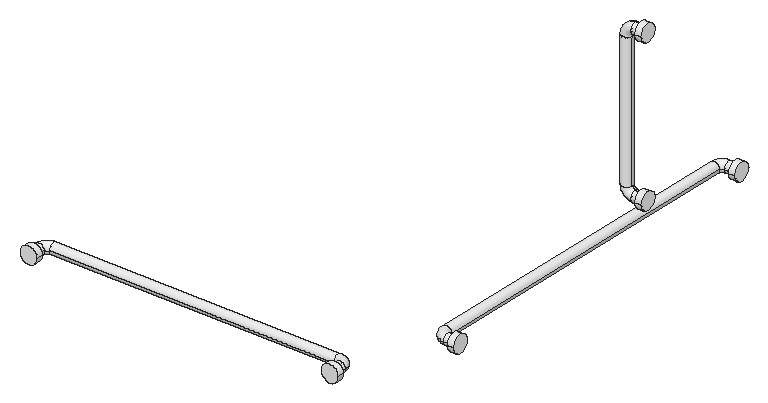
Revit family "r25_MY_Grab_Bar_Composite_content", category Specialty Equipment, Revit 2025
Family settings
  Round Connector Dimension = Use Diameter
  Part Type = Normal
  Work Plane-Based = No
  Enable Cutting in Views = No
  Always vertical = Yes
  Cut with Voids When Loaded = No
  Maintain Annotation Orientation = No
  Shared = No
  Room Calculation Point = No
Parameters (values of type "NEW")
  Vert [instance] = yes
  Side Bar Offset = 1' - 0"
  Side [instance] = yes
  Rear [instance] = yes
  Keynote = "RA-8"
  Default Elevation = 0' - 0"
  Back Bar Offset = 0' - 6"
  Back Bar Length = 3' - 0"
  Mounting Height = 3' - 0"
  Side Bar Length = 3' - 6"
  Assembly Code = ""
  ANSI A117.1 [instance] = yes
  ADAG 94 [instance] = not(ANSI A117.1)  # no
Reference planes (in)
  plane 1 "Center F/B": y = 0
  plane 2: z = 0
  plane 3 "Center L/R": x = 0
  plane 4 "Center Line": z = 36
  plane 5: y = 0.75
  plane 6: x = -0.75
  plane 7: x = -42
  plane 8: y = 54
  plane 9: y = 12
  plane 10: x = -6
Dimensions and locks (in)
  "Side Bar Length": plane 8 to plane 9
  "Back Bar Length": plane 7 to plane 10
  "Mounting Height": plane 4 "Center Line" to plane 2
  locked: plane 1 "Center F/B" to plane 5 at 0.75
  "Side Bar Offset": plane 1 "Center F/B" to plane 9
  "Back Bar Offset": plane 10 to plane 3 "Center L/R"
Nested families (in)
  nested 1: "R23_10_Grab Bar-Rear" at (0, 0, 0), Back Bar Length <- "Back Bar Length", visible <- "Rear", type "Rear"
    with Back Bar Length 3' - 0"
  nested 2: "R23_10_Grab Bar-Side" at (0, 0, 0), visible <- "Side", type "Side"
  nested 3: "R23_10_Grab Bar-Side_Vert" at (0, 0, 0), visible <- "Vert", type "Side_Vert"
Definition of nested family "R23_10_Grab Bar-Rear"
  Parameters (values of type "Rear")
    Model = "B-5806"
    Manufacturer = "Bobrick"
    Log Cat = "A"
    JSN No. = "A5109-A"
    Description = "Grab Bar, 1-1/4\" Dia., SS, Back Wall, W/C Accessible"
    Default Elevation = 0' - 0"
    Back Bar Length [instance] = 3' - 0"
    Mounting Height = 3' - 0"
    Assembly Code = ""
  Reference planes (in)
    plane 1 "Center F/B": y = 0
    plane 2: z = 0
    plane 3 "Center L/R": x = 0
    plane 4: x = -6
    plane 5: x = -42
    plane 6 "Center Line": z = 36
    plane 7: y = 0.75
    plane 8: z = 57
    plane 9: z = 39
  Forms (in)
    Sweep 1, solid
      path origin (0, 0, 0) x (1, 0, 0) y (0, 1, 0)
        loop
          line (-42, 0.75) -> (-42, 1.5)
          arc (-42, 1.5) -> (-41.70711, 2.20711) -> (-41, 2.5) r 1
          line (-41, 2.5) -> (-7, 2.5)
          arc (-7, 2.5) -> (-6.29289, 2.20711) -> (-6, 1.5) r 1
          line (-6, 1.5) -> (-6, 0.75)
      profile origin (-24, 0, 0) x (0, 1, 0) y (0, 0, 1)
        loop
          circle (2.5, 36) r 0.625
    Extrusion 2, solid
      sketch origin (0, 0, 0) x (1, 0, 0) y (0, 0, 1)
        loop
          circle (-6, 36) r 1
        loop
          circle (-42, 36) r 1
      from -0.75 to 0
  Dimensions and locks (in)
    locked: plane 4 to plane 3 "Center L/R" at 6
    "Back Bar Length": plane 5 to plane 4
    "Mounting Height": plane 6 "Center Line" to plane 2
    locked: plane 6 "Center Line" to Sweep 1 sketch curve
    locked: plane 1 "Center F/B" to plane 7 at 0.75
    locked: level to plane 9 at 39
    locked: plane 9 to plane 8 at 18
    aligned and locked: Extrusion 2 to plane 7
    aligned and locked: plane 1 "Center F/B" to Extrusion 2
    aligned and locked: plane 7 to Sweep 1 sketch curve  (x2)
  Automatic sketch dimensions
    Sweep 1 sketch curve to plane 5 = 0' - 0"
    Sweep 1 sketch curve to plane 4 = 0' - 0"
    Sweep 1 sketch curve to plane 7 = 0' - 0 3/4"  (x2)
    plane 5 to Sweep 1 sketch curve = 0' - 1"
    Sweep 1 sketch curve to Sweep 1 sketch curve = 0' - 0"
    Sweep 1 sketch curve to profile plane = 0' - 0"
    profile plane to Sweep 1 sketch curve = 0' - 0 5/8"
    Extrusion 2 sketch curve to Extrusion 2 sketch curve = 0' - 0"  (x4)
    Extrusion 2 sketch curve to plane 6 "Center Line" = 0' - 0"  (x2)
    Extrusion 2 sketch curve to plane 5 = 0' - 0"
    Extrusion 2 sketch curve to plane 4 = 0' - 0"
    Extrusion 2 sketch curve to Extrusion 2 sketch curve = 0' - 1"  (x2)
Definition of nested family "R23_10_Grab Bar-Side"
  Parameters (values of type "Side")
    Vert Bar Mntng Hght = 3' - 3"
    Vert Bar Dist = 3' - 4"
    Model = "B-5806"
    Manufacturer = "Bobrick"
    Log Cat = "A"
    JSN No. = "A5109-B"
    Description = "Grab Bar, 1-1/4\" Dia., SS, Side Wall, W/C Accessible"
    Mounting Height = 3' - 0"
    Side Bar Length = 3' - 6"
    Default Elevation = 0' - 0"
    Back Bar Length = 3' - 0"
    Assembly Code = ""
  Reference planes (in)
    plane 1 "Center F/B": y = 0
    plane 2: z = 0
    plane 3 "Center L/R": x = 0
    plane 4: y = 12
    plane 5: y = 54
    plane 6 "Center Line": z = 36
    plane 7: x = -0.75
    plane 8: y = 40
    plane 9: z = 57
    plane 10: z = 39
  Forms (in)
    Sweep 1, solid
      path origin (0, 0, 0) x (1, 0, 0) y (0, 1, 0)
        loop
          line (-0.75, 12) -> (-1.5, 12)
          arc (-1.5, 12) -> (-2.20711, 12.29289) -> (-2.5, 13) r 1
          line (-2.5, 13) -> (-2.5, 53)
          arc (-2.5, 53) -> (-2.20711, 53.70711) -> (-1.5, 54) r 1
          line (-1.5, 54) -> (-0.75, 54)
      profile origin (0, 33, 0) x (-1, 0, 0) y (0, 0, 1)
        loop
          circle (2.5, 36) r 0.625
    Extrusion 2, solid
      sketch origin (0, 0, 0) x (0, 1, 0) y (0, 0, 1)
        loop
          circle (12, 36) r 1
        loop
          circle (54, 36) r 1
      from -0.75 to 0
  Dimensions and locks (in)
    locked: plane 1 "Center F/B" to plane 4 at 12
    "Side Bar Length": plane 5 to plane 4
    "Mounting Height": plane 6 "Center Line" to plane 2
    locked: plane 6 "Center Line" to Sweep 1 sketch curve
    locked: plane 7 to plane 3 "Center L/R" at 0.75
    "Vert Bar Dist": plane 1 "Center F/B" to plane 8
    "Vert Bar Mntng Hght": level to plane 10
    locked: plane 10 to plane 9 at 18
    aligned and locked: Extrusion 2 to plane 7
    aligned and locked: plane 3 "Center L/R" to Extrusion 2
    aligned and locked: plane 7 to Sweep 1 sketch curve  (x2)
  Automatic sketch dimensions
    Sweep 1 sketch curve to plane 4 = 0' - 0"
    Sweep 1 sketch curve to plane 5 = 0' - 0"
    Sweep 1 sketch curve to Sweep 1 sketch curve = 0' - 0 3/4"
    Sweep 1 sketch curve to plane 7 = 0' - 0 3/4"
    plane 4 to Sweep 1 sketch curve = 0' - 1"
    Sweep 1 sketch curve to Sweep 1 sketch curve = 0' - 0"
    Sweep 1 sketch curve to profile plane = 0' - 0"
    profile plane to Sweep 1 sketch curve = 0' - 0 5/8"
    Extrusion 2 sketch curve to Extrusion 2 sketch curve = 0' - 0"  (x4)
    Extrusion 2 sketch curve to plane 6 "Center Line" = 0' - 0"  (x2)
    Extrusion 2 sketch curve to plane 4 = 0' - 0"
    Extrusion 2 sketch curve to plane 5 = 0' - 0"
    Extrusion 2 sketch curve to plane 4 = 0' - 1"
    Extrusion 2 sketch curve to plane 5 = 0' - 1"
Definition of nested family "R23_10_Grab Bar-Side_Vert"
  Parameters (values of type "Side_Vert")
    Vert Bar Mntng Hght = 3' - 3"
    Vert Bar Dist = 3' - 4"
    Side Bar Length = 3' - 6"
    Mounting Height = 3' - 0"
    Model = "B-5806"
    Manufacturer = "Bobrick"
    Log Cat = "A"
    JSN No. = "A5109-C"
    Description = "Grab Bar, 1-1/4\" Dia., SS, Vertical Wall, W/C Accessible"
    Default Elevation = 0' - 0"
    Back Bar Length = 3' - 0"
    Assembly Code = ""
  Reference planes (in)
    plane 1 "Center F/B": y = 0
    plane 2: z = 0
    plane 3 "Center L/R": x = 0
    plane 4 "Center Line": z = 36
    plane 5: x = -0.75
    plane 6: y = 40
    plane 7: z = 57
    plane 8: z = 39
  Forms (in)
    Sweep 1, solid
      path origin (0, 40, 0) x (-1, 0, 0) y (0, 0, 1)
        loop
          line (0.75, 39) -> (1.5, 39)
          arc (1.5, 39) -> (2.20711, 39.29289) -> (2.5, 40) r 1
          line (2.5, 40) -> (2.5, 56)
          arc (2.5, 56) -> (2.20711, 56.70711) -> (1.5, 57) r 1
          line (1.5, 57) -> (0.75, 57)
      profile origin (-2.5, 40, 48) x (1, 0, 0) y (0, 1, 0)
        loop
          circle (0, 0) r 0.625
    Extrusion 2, solid
      sketch origin (0, 0, 0) x (0, 1, 0) y (0, 0, 1)
        loop
          circle (40, 39) r 1
        loop
          circle (40, 57) r 1
      from -0.75 to 0
  Dimensions and locks (in)
    "Mounting Height": plane 4 "Center Line" to plane 2
    locked: plane 5 to plane 3 "Center L/R" at 0.75
    "Vert Bar Dist": plane 1 "Center F/B" to plane 6
    "Vert Bar Mntng Hght": level to plane 8
    locked: plane 8 to plane 7 at 18
    aligned and locked: Extrusion 2 to plane 5
    aligned and locked: plane 3 "Center L/R" to Extrusion 2
  Automatic sketch dimensions
    Sweep 1 sketch curve to plane 5 = 0' - 0"  (x2)
    Sweep 1 sketch curve to plane 7 = 0' - 0"
    Sweep 1 sketch curve to plane 8 = 0' - 0"
    Sweep 1 sketch curve to Sweep 1 sketch curve = 0' - 0 3/4"
    Sweep 1 sketch curve to plane 5 = 0' - 0 3/4"
    Sweep 1 sketch curve to Sweep 1 sketch curve = 0' - 1"
    Sweep 1 sketch curve to plane 6 = 0' - 0"
    Sweep 1 sketch curve to profile plane = 0' - 0"
    Extrusion 2 sketch curve to plane 6 = 0' - 0"  (x2)
    Extrusion 2 sketch curve to plane 8 = 0' - 0"
    Extrusion 2 sketch curve to plane 7 = 0' - 0"
    radius of Sweep 1 sketch curve = 0' - 0 5/8"
    radius of Extrusion 2 sketch curve = 0' - 1"  (x2)
